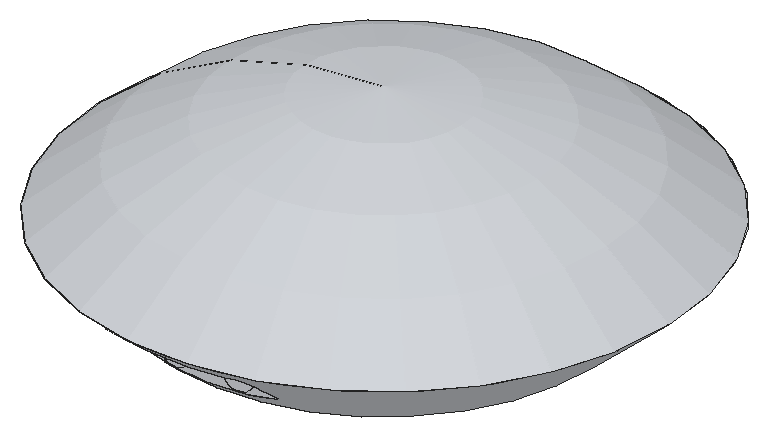
Revit family "0049253 Sylvania Lighting Fixture Start Surface IP66 2350lm 830 IK10 DALI WHT", category Lighting Fixtures, host Face, Revit 2016
Family settings
  Host = Face
  Part Type = Normal
  Round Connector Dimension = Use Diameter
  OmniClass Number = 23.80.70.00
  OmniClass Title = Lighting
  Cut with Voids When Loaded = No
  Light Source = Yes
  Shared = No
  Room Calculation Point = No
Parameters (values of type "Type Name")
  power entry width = 90 mm
  power entry height = 28 mm
  power connector height = 12.5 mm
  power connector centres = 39 mm
  height = 110 mm
  connector position 2 = 40 mm
  connector length = 2 mm
  base height = 40 mm
  backplate diameter = 256 mm
  Weight = ""
  Wattage Comments = ""
  Wattage = 9.2903 W
  WarrantyStartDate [instance] = "n/a"
  WarrantyGuarantorParts = "n/a"
  WarrantyDurationUnit = "n/a"
  WarrantyDurationParts = "n/a"
  WarrantyDescription = "n/a"
  built-in parameter 1150110 = 1 (stored number, unit not read)
  Voltage = 0 V
  URL = "http://www.feilosylvania.com"
  TypeName = ""
  Type Image = <None>
  Type Comments = "n/a"
  Tube Diameter = 80 mm
  built-in parameter 1114217 = 1 (stored number, unit not read)
  Tilt Angle = 90.00°
  built-in parameter 1150109 = 1 (stored number, unit not read)
  built-in parameter 1150134 = 3
  built-in parameter 1150113 = 1 (stored number, unit not read)
  SerialNumber [instance] = "n/a"
  Photometric Web File = "0049253.ies"
  Material_3_FEILO = none
  PowerFactor = 0
  PowerConsumption = ""
  NominalLength = 0 mm
  NominalHeight = 0 mm
  NominalDepth = 0 mm
  Name = ""
  ModelReference = Name  # ""
  ModelNumber = ""
  Model = Name  # ""
  Material = ""
  ManufacturerName = "Feilo Sylvania"
  Manufacturer = "Feilo Sylvania"
  LuminousEfficacy = ""
  built-in parameter 1150105 = 109.82 (stored number, unit not read)
  Lumens = 1380 lm
  LuminaireType = ""
  built-in parameter 1150115 = 1 (stored number, unit not read)
  LightOutputRatio = ""
  built-in parameter 1150137 = (empty or 0)
  built-in parameter 1150139 = (empty or 0)
  LampsType = Lamp  # ""
  LampNominalLuminous = ""
  LampMacAdamStep = ""
  LampColourTemperature = ""
  LampColourRenderingIndex = ""
  built-in parameter 1150112 = 1 (stored number, unit not read)
  built-in parameter 1150114 = 1 (stored number, unit not read)
  Lamp = ""
  Keynote = "16500"
  InstallationDate [instance] = "n/a"
  InputVoltage = ""
  InputNominalFrequency = ""
  built-in parameter 1150132 = (empty or 0)
  built-in parameter 1150102 = (empty or 0)
  built-in parameter 1150107 = 3200 (stored number, unit not read)
  built-in parameter 1150138 = (empty or 0)
  IngressProtection = ""
  ImpactProtectionIndex = ""
  built-in parameter 1150106 = 1.0982 (stored number, unit not read)
  IfcExportType = "IfcLightFixtureType"
  IfcExportAs = "IfcLightFixtureType"
  Height = 250 mm
  ExpectedLife = 50000
  Emit from Circle Diameter = 609.6 mm
  Emit Shape Visible in Rendering = no
  ElectricShockClassification = ""
  built-in parameter 1150104 = 13.8 (stored number, unit not read)
  DurationUnit = "hours"
  DocumentationLiterature = ""
  DimmingControlOptions = ""
  Material_2_FEILO = none
  Dimming Lamp Color Temperature Shift = <None>
  Diameter = 350 mm
  Description = ""
  Default Elevation = 1219.2 mm
  CreatedOn = ""
  CreatedBy = ""
  Cost = 0
  Color Filter = 16777215
  built-in parameter 1114216 [instance] = (empty or 0)
  ClassificationValue = "EF_70_80"
  ClassificationName = "Uniclass2015"
  Material_1_FEILO = none
  BarCode [instance] = "n/a"
  built-in parameter 1114218 = 1 (stored number, unit not read)
  built-in parameter 1150133 = 10 (stored number, unit not read)
  AssetType = ""
  AssetIdentifier [instance] = "n/a"
  Assembly Code = "D5020200"
  Apparent Load = 0 VA
  Material_4_FEILO = none
Reference planes
  plane 1 "Center (Front/Back)": y = 0
  plane 2: z = 0
  plane 3 "Center (Left/Right)": x = 0
  plane 4: z = 0
  plane 5: y = 128
  plane 6: y = -128
  plane 7: y = 175
  plane 8: y = -175
  plane 9: z = 40
  plane 10: z = 110
  plane 11: x = -45.686
  plane 12: x = 44.314
  plane 13: z = 5
  plane 14: z = 33
  plane 15: y = -135
  plane 16: x = 19.5
  plane 17: x = -19.5
  plane 18: z = 20.5
  plane 19: y = -137
  plane 20: y = 135
Forms (mm)
  Blend 1, solid, detail levels medium+fine
    base sketch origin (4.2, 0, 0) x (1, 0, 0) y (0, 1, 0)
      loop
        circle (-4.2, 0) r 128
    top sketch origin (4.2, 0, 0) x (1, 0, 0) y (0, 1, 0)
      loop
        circle (-4.2, 0) r 175
    from 0 to 40
  Revolve 2, solid, detail levels medium+fine
    sketch origin (0, 0, 0) x (1, 0, 0) y (0, 0, 1)
      loop
        arc (175, 40) -> (94.148, 91.621) -> (0, 110) r 257.018
        line (0, 110) -> (0, 40) -> (175, 40)
      axis (0, 110) -> (0, 40)
    angle from -180 to 179.914
  Extrusion 3, void
    sketch origin (0, 0, 0) x (1, 0, 0) y (0, 0, 1)
      loop
        line (-45.686, 25.025) -> (-45.686, 5) -> (44.314, 5) -> (44.314, 25.025)
        arc (44.314, 25.025) -> (42.644, 30.018) -> (38.304, 33) r 8.297
        line (38.304, 33) -> (-39.676, 33)
        arc (-39.676, 33) -> (-44.015, 30.018) -> (-45.686, 25.025) r 8.297
    from 135 to 166.869
  Extrusion 4, solid, detail levels fine
    sketch origin (1524, -324.9, 1219.2) x (1, 0, 0) y (0, 0, 1)
      loop
        circle (-1504.5, -1198.7) r 11
      loop
        circle (-1543.5, -1198.7) r 11
    from -189.9 to -187.9
  Extrusion 5, void
    sketch origin (-0.686, -5.131, 0) x (-1, 0, 0) y (0, 0, 1)
      loop
        line (-45.686, 25.025) -> (-45.686, 5) -> (44.314, 5) -> (44.314, 25.025)
        arc (44.314, 25.025) -> (42.644, 30.018) -> (38.304, 33) r 8.297
        line (38.304, 33) -> (-39.676, 33)
        arc (-39.676, 33) -> (-44.015, 30.018) -> (-45.686, 25.025) r 8.297
    from 140.131 to 175.131
  Extrusion 6, solid
    sketch origin (1524, -52.9, 1219.2) x (1, 0, 0) y (0, 0, 1)
      loop
        circle (-1504.5, -1198.7) r 11
      loop
        circle (-1543.5, -1198.7) r 11
    from -189.9 to -187.9
  Extrusion 7, solid, detail levels coarse
    sketch origin (0, 1219.2, 38) x (1, 0, 0) y (0, 1, 0)
      loop
        line (175.117, -1396.13) -> (175.117, -1044.2) -> (-175, -1044.2) -> (-175, -1396.13) -> (175.117, -1396.13)
    from -38 to 72
Cuts and joins
  Extrusion 3, Extrusion 5 cuts Blend 1
  Extrusion 5 cuts Extrusion 4
Dimensions and locks
  "backplate diameter": plane 5 to plane 6
  equal spacing: plane 5, plane 1 "Center (Front/Back)", plane 6
  "Diameter": plane 7 to plane 8
  equal spacing: plane 7, plane 1 "Center (Front/Back)", plane 8
  "base height": plane 9 to level
  "height": plane 10 to host face
  "power entry width": plane 12 to plane 11
  plane 12 to imposter light to plane 11 = 44.201 mm, 45.799 mm
  "power entry height": plane 14 to plane 13
  "power connector centres": plane 17 to plane 16
  equal spacing: plane 17, plane 3 "Center (Left/Right)", plane 16
  "power connector height": plane 18 to plane 14
  "connector length": plane 15 to plane 19
  "connector position 2": plane 7 to plane 20
  aligned and locked: plane 2 to host face
  aligned and locked: level to host face
  aligned and locked: plane 10 to Extrusion 7
Automatic sketch dimensions
  host sketch curve to host sketch curve = 2438.4 mm  (x2)
  plane 1 "Center (Front/Back)" to Blend 1 sketch curve = 0 mm  (x2)
  Blend 1 sketch curve to plane 3 "Center (Left/Right)" = 0 mm  (x2)
  Revolve 2 sketch curve to plane 3 "Center (Left/Right)" = 0 mm  (x2)
  Revolve 2 sketch curve to plane 9 = 0 mm
  Revolve 2 sketch curve to plane 10 = 0 mm
  Revolve 2 sketch curve to plane 3 "Center (Left/Right)" = 1.306 mm
  plane 3 "Center (Left/Right)" to Revolve 2 sketch curve = 175 mm
  Revolve 2 sketch curve to level = 47.821 mm
  Revolve 2 sketch curve to Revolve 2 sketch curve = 80 mm
  Extrusion 3 sketch curve to plane 11 = 0 mm
  Extrusion 3 sketch curve to plane 14 = 0 mm
  Extrusion 3 sketch curve to plane 12 = 0 mm
  Extrusion 3 sketch curve to plane 13 = 0 mm
  plane 11 to Extrusion 3 sketch curve = 6.01 mm
  plane 18 to Extrusion 3 sketch curve = 4.525 mm  (x2)
  Extrusion 3 sketch curve to Extrusion 3 sketch curve = 8.297 mm
  plane 17 to Extrusion 4 sketch curve = 0 mm
  plane 16 to Extrusion 4 sketch curve = 0 mm
  Extrusion 4 sketch curve to plane 18 = 0 mm  (x2)
  Extrusion 5 sketch curve to plane 13 = 0 mm
  Extrusion 5 sketch curve to plane 14 = 0 mm
  plane 12 to Extrusion 5 sketch curve = 0.686 mm
  Extrusion 5 sketch curve to plane 12 = 5.324 mm
  plane 18 to Extrusion 5 sketch curve = 4.525 mm
  plane 11 to Extrusion 5 sketch curve = 8.982 mm
  plane 11 to Extrusion 5 sketch curve = 6.696 mm
  plane 11 to Extrusion 5 sketch curve = 0.686 mm
  plane 17 to Extrusion 6 sketch curve = 0 mm
  plane 16 to Extrusion 6 sketch curve = 0 mm
  Extrusion 6 sketch curve to plane 18 = 0 mm  (x2)
  Extrusion 7 sketch curve to plane 8 = 1.93 mm
  Extrusion 7 sketch curve to plane 11 = 129.314 mm
  plane 12 to Extrusion 7 sketch curve = 130.802 mm
  plane 5 to Extrusion 7 sketch curve = 47 mm
  radius of Blend 1 sketch curve = 128 mm
  radius of Blend 1 sketch curve = 175 mm
  radius of Extrusion 4 sketch curve = 11 mm  (x2)
  radius of Extrusion 6 sketch curve = 11 mm  (x2)
Connectors
  electrical at (19.5, 137, 20.5)
    settings: on Extrusion 6, index 1, voltage 0 V, apparent load 0 VA, apparent load phase1 0 VA, apparent load phase2 0 VA, apparent load phase3 0 VA, power factor 1, load classification "Other", number of poles 1, system type 31, power factor state 1, is connector primary yes, connector utility no, sub classification motor no, connector description ""
